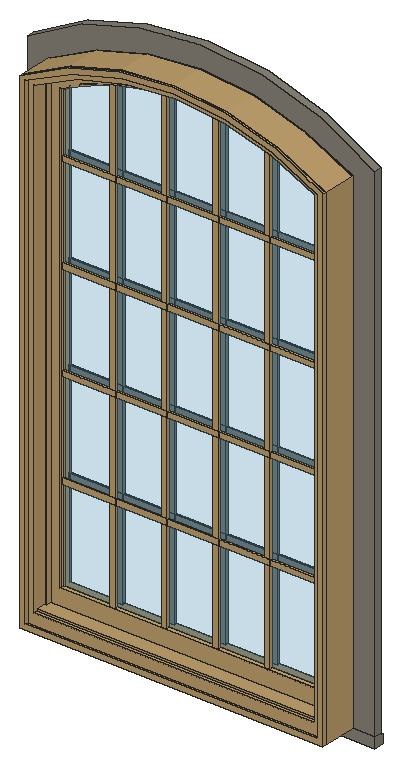
Revit family (continued)
Definition of nested family "Roundtop_Section_Detail"
  Definition of nested family "Head_Detail"
    Lines and regions (in)
      detail lines, style "Cut Lines", in view "Ref. Level"
        curve 6: line (1.375, -2.7104, 0) -> (0.8135, -2.7104, 0)
        curve 7: line (1.375, -2.91687, 0) -> (0.8135, -2.91687, 0)
        curve 8: line (1.5625, -2.60938, 0) -> (1.375, -2.60938, 0)
        curve 9: line (0.8135, -2.60938, 0) -> (0.625, -2.60938, 0)
        curve 10: line (-0.21901, -1.78125, 0) -> (0.12474, -1.78125, 0)
        curve 11: line (-1.09401, -0.59375, 0) -> (-0.62526, -0.66381, 0)
        curve 12: line (-1.09401, 0, 0) -> (-1.09401, -0.59375, 0)
        curve 13: line (-0.62526, -0.9375, 0) -> (-0.62526, -0.66381, 0)
        curve 14: line (-0.62526, -0.9375, 0) -> (-0.21901, -0.9375, 0)
        curve 15: line (-0.21901, -0.9375, 0) -> (-0.21901, -1.78125, 0)
        curve 16: line (0.12474, -1.5625, 0) -> (2, -1.5625, 0)
        curve 17: line (0.12474, -1.78125, 0) -> (0.12474, -1.5625, 0)
        curve 18: line (2.75, -1.78125, 0) -> (2.75, -1.5, 0)
        curve 19: line (2, -1.78125, 0) -> (2.75, -1.78125, 0)
        curve 20: line (2, -1.5625, 0) -> (2, -1.78125, 0)
        curve 21: line (4.5625, 0, 0) -> (-1.09401, 0, 0)
        curve 22: line (4.5625, -1.5, 0) -> (4.5625, 0, 0)
        curve 23: line (2.75, -1.5, 0) -> (4.5625, -1.5, 0)
        curve 24: line (0.59375, -1.60938, 0) -> (0.25, -1.60938, 0)
        curve 25: line (0.25, -3.07813, 0) -> (0.25, -1.60938, 0)
        curve 26: line (0.40113, -3.07813, 0) -> (0.25, -3.07813, 0)
        curve 27: line (0.5578, -3.26562, 0) -> (0.40113, -3.07813, 0)
        curve 28: line (0.59375, -2.51563, 0) -> (0.59375, -3.26562, 0)
        curve 29: line (0.59375, -3.26562, 0) -> (0.5578, -3.26562, 0)
        curve 30: line (2, -1.60938, 0) -> (0.59375, -1.60938, 0)
        curve 31: line (1.5625, -2.51563, 0) -> (0.59375, -2.51563, 0)
        curve 32: line (1.5625, -3.26562, 0) -> (1.5625, -2.51563, 0)
        curve 33: line (1.71407, -3.26562, 0) -> (1.5625, -3.26562, 0)
        curve 34: line (2, -3.04662, 0) -> (1.93308, -3.04662, 0)
        curve 35: line (2, -1.60938, 0) -> (2, -3.04662, 0)
        curve 36: line (1.93308, -3.04662, 0) -> (1.71407, -3.26562, 0)
  Definition of nested family "Sill_Detail"
    Parameters (values of type "Jamb_Detail")
      Flange = no
      Assembly Code = ""
    Reference planes (in)
      plane 1 "Center (Front/Back)": y = 0
      plane 2: z = 0
      plane 3 "Center (Left/Right)": x = 0
    Lines and regions (in)
      detail lines, style "Cut Lines", in view "Ref. Level", visible <- "Flange"
        curve 1: line (0, -1.5, 0) -> (0, -0.15, 0)
        curve 2: line (-0.04501, 0, 0) -> (-0.04501, -1.5, 0)
        curve 3: line (-0.04501, -1.5, 0) -> (0, -1.5, 0)
        curve 4: line (0.10999, -0.15, 0) -> (0.10999, 0, 0)
        curve 5: line (0, -0.15, 0) -> (0.10999, -0.15, 0)
      detail lines, style "Cut Lines", in view "Ref. Level"
        curve 6: line (1.375, 4.25727, 0) -> (0.8135, 4.25727, 0)
        curve 7: line (1.375, 4.46375, 0) -> (0.8135, 4.46375, 0)
        curve 8: line (1.5625, 4.15625, 0) -> (1.375, 4.15625, 0)
        curve 9: line (0.8135, 4.15625, 0) -> (0.625, 4.15625, 0)
        curve 10: line (-1.09401, 0, 0) -> (-1.09401, 0.59371, 0)
        curve 11: line (4.5625, 0, 0) -> (-1.09401, 0, 0)
        curve 12: line (0.25, 4.625, 0) -> (0.25, 0.98526, 0)
        curve 13: line (0.40113, 4.625, 0) -> (0.25, 4.625, 0)
        curve 14: line (0.5578, 4.8125, 0) -> (0.40113, 4.625, 0)
        curve 15: line (0.59375, 4.0625, 0) -> (0.59375, 4.8125, 0)
        curve 16: line (0.59375, 4.8125, 0) -> (0.5578, 4.8125, 0)
        curve 17: line (1.5625, 4.0625, 0) -> (0.59375, 4.0625, 0)
        curve 18: line (1.5625, 4.8125, 0) -> (1.5625, 4.0625, 0)
        curve 19: line (1.71407, 4.8125, 0) -> (1.5625, 4.8125, 0)
        curve 20: line (2, 4.59349, 0) -> (1.93308, 4.59349, 0)
        curve 21: line (2, 1.36026, 0) -> (2, 4.59349, 0)
        curve 22: line (1.93308, 4.59349, 0) -> (1.71407, 4.8125, 0)
        curve 23: line (-1.09401, 0.59371, 0) -> (-0.23437, 0.72218, 0)
        curve 24: line (2, 1.36026, 0) -> (-0.23438, 0.80316, 0)
        curve 25: line (-0.23437, 0.80316, 0) -> (-0.23437, 0.72218, 0)
        curve 26: line (4.5625, 2.22769, 0) -> (4.5625, 0, 0)
        curve 27: line (2, 2.46875, 0) -> (4.09375, 2.46875, 0)
        curve 28: line (4.5625, 2.22769, 0) -> (4.09375, 2.22769, 0)
        curve 29: line (4.09375, 2.22769, 0) -> (4.09375, 2.46875, 0)
        curve 30: line (2, 1.36026, 0) -> (0.5, 1.36026, 0)
        curve 31: line (0.25, 0.98526, 0) -> (0.5, 0.98526, 0)
        curve 32: line (0.5, 1.36026, 0) -> (0.5, 0.98526, 0)
